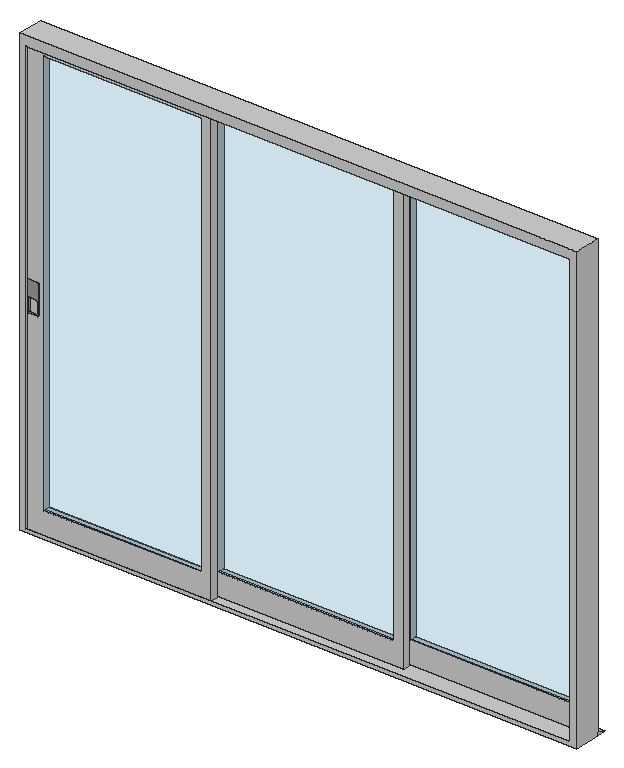
Revit family "Door-Slider-Fleetwood-3070-OXX", category Doors, host Wall, Revit 2013
Parameters (values of type "Archetype Hardware_Narrow Fixed Stile")
  Wall_Thickness [instance] = 1' - 0"
  URL = "www.fleetwoodusa.com"
  Thickness = 0' 1 29/32" * Number_Of_Tracks  # 0' - 5 23/32"
  Rough Width = Width + 0' 0 1/2"  # 10' - 0 1/2"
  Rough Height = Height + 0' 0 1/4"  # 8' - 0 1/4"
  Panel_Height [instance] = Height - 0' 1 17/32"  # 7' - 10 15/32"
  Panel_3_Configuration = 3070_EX_Panel : Active Lead Panel Right Archetype
  Panel_3 = Centerline_2_Calc + 0' 2 19/256"  # 3' - 6 19/256"
  Panel_2_Configuration = 3070_EX_Panel : Sliding Panel  Interlock and Interlock
  Panel_2 = Width - Centerline_1_Calc - Centerline_2_Calc + 0' 0 17/256"  # 3' - 4 17/256"
  Panel_1_Configuration = 3070_EX_Panel : Fixed Panel Narrow Fixed Stile
  Panel_1 = Centerline_1_Calc + 0' 0 71/256"  # 3' - 4 71/256"
  Number_Of_Tracks = 3  # constant formula
  Model = "3070"
  Manufacturer = "Fleetwood Windows and Doors"
  Interior Wrap Overhang = 0' - 0 1/2"
  Hardware = Stainless Steel, Brushed
  Glazing = Glass
  Frame_&_Panel = Aluminum, Anodized Clear
  Equal_Centerlines = if(and(Custom_Centerline_1 > 0' 6", Custom_Centerline_2 > 0' 6"), 1 > 2, 1 < 2)  # yes
  Centerline_2_Calc = if(Equal_Centerlines, Width / 3, Custom_Centerline_2)  # 3' - 4"
  Custom_Centerline_2 = 0' - 0"
  Centerline_1_Calc = if(Equal_Centerlines, Width / 3, Custom_Centerline_1)  # 3' - 4"
  Custom_Centerline_1 = 0' - 0"
  Exterior Wrap Overhang = 0' - 0 1/2"
  Frame_Set_Back [instance] = (Wall_Thickness - Thickness) / 2  # 0' - 3 9/64"
  Function = Exterior
  Height = 8' - 0"
  Wall Closure = By host
  Width = 10' - 0"
  Configuration = "OXX"
  Analytic Construction = "<None>"
  Actuator_Height = 4' - 5 3/4"
Types (6): name | Panel_3_Configuration | Panel_1_Configuration | Actuator_Height
  Archetype Hardware_Archetype Narrow Fixed Stile | 3070_EX_Panel : Active Lead Panel Right Archetype | 3070_EX_Panel : Fixed Panel Archetype Narrow Stile | 4' - 5 3/4"
  Archetype Hardware_Archetype Fixed Stile | 3070_EX_Panel : Active Lead Panel Right Archetype | 3070_EX_Panel : Fixed Panel Archetype Stile | 4' - 5 3/4"
  Archetype Narrow Hardware_Narrow Fixed Stile | 3070_EX_Panel : Active Lead Panel Right Archetype Narrow | 3070_EX_Panel : Fixed Panel Narrow Fixed Stile | 3' - 10"
  Archetype Narrow Hardware_Archetype Narrow Fixed Stile | 3070_EX_Panel : Active Lead Panel Right Archetype Narrow | 3070_EX_Panel : Fixed Panel Archetype Narrow Stile | 3' - 10"
  Archetype Narrow Hardware_Archetype Fixed Stile | 3070_EX_Panel : Active Lead Panel Right Archetype Narrow | 3070_EX_Panel : Fixed Panel Archetype Stile | 3' - 10"
  Archetype Hardware_Narrow Fixed Stile | 3070_EX_Panel : Active Lead Panel Right Archetype | 3070_EX_Panel : Fixed Panel Narrow Fixed Stile | 4' - 5 3/4"
Reference planes (in)
  plane 1 "Center (Front/Back)": y = 0
  plane 2 "Center (Left/Right)": x = 0
  plane 3 "Left": x = -60.25
  plane 4 "Right": x = 60.25
  plane 5 "Top": z = 96.25
  plane 6 "Exterior": y = 6
  plane 7 "Interior": y = -6
  plane 8 "Exterior Wrap Depth": y = 2.85938
  plane 9 "Interior Wrap Depth": y = -2.85938
  plane 10 "Right Frame": x = 60
  plane 11 "Left Frame": x = -60
  plane 12 "Exerier Wrap Left": x = -59.75
  plane 13 "Exterior Wrap Right": x = 59.5
  plane 14 "Exterior Wrap Top": z = 95.75
  plane 15 "Interior Wrap Left": x = -59.75
  plane 16 "Interior Wrap Right": x = 59.75
  plane 17 "Interior Wrap Top": z = 95.75
  plane 18 "Frame Top": z = 96
  plane 19 "Vent Height": z = 93.96094
  plane 20: x = -59.0275
  plane 21: x = 59.2421
  plane 22: z = 0.302
  plane 23: y = -1.90537
  plane 24: y = 1.91062
  plane 25: y = 0.00263
  plane 26: x = 20
  plane 27: y = 9
Forms (in)
  Extrusion 1, void
    sketch origin (0, 0, 0) x (1, 0, 0) y (0, 1, 0)
      loop
        line (-59.75, 6) -> (-59.75, 2.85938) -> (59.5, 2.85938) -> (59.5, 6) -> (-59.75, 6)
    from 0 to 95.75
  Extrusion 2, void
    sketch origin (0, 0, 0) x (1, 0, 0) y (0, 1, 0)
      loop
        line (-60.25, 2.85938) -> (-60.25, -2.85938) -> (60.25, -2.85938) -> (60.25, 2.85938) -> (-60.25, 2.85938)
    from 0 to 96.25
  Extrusion 3, void
    sketch origin (0, 0, 0) x (1, 0, 0) y (0, 1, 0)
      loop
        line (-59.75, -2.85938) -> (-59.75, -6) -> (59.75, -6) -> (59.75, -2.85938) -> (-59.75, -2.85938)
    from 0 to 95.75
Lines and regions (in)
  symbolic lines
    curve 1: line (-59.0275, 9, 0) -> (-47.0275, 9, 0)
    curve 2: line (-51.0275, 7, 0) -> (-47.0275, 9, 0)
    curve 3: line (-51.0275, 11, 0) -> (-47.0275, 9, 0)
    curve 7: line (-6, 9, 0) -> (6, 9, 0)
    curve 8: line (2, 7, 0) -> (6, 9, 0)
    curve 9: line (2, 11, 0) -> (6, 9, 0)
  symbolic lines, not visible
    curve 4: line (-41.80247, 12.37674, 0) -> (-29.80247, 12.37674, 0)
    curve 5: line (-33.80247, 10.37674, 0) -> (-29.80247, 12.37674, 0)
    curve 6: line (-33.80247, 14.37674, 0) -> (-29.80247, 12.37674, 0)
  reference lines
    curve 10: line (0, 9, 0.302) -> (0, 11, 0.302)
    curve 11: line (-53.0275, 9, 0.302) -> (-53.0275, 11, 0.302)
  reference lines, not visible
    curve 12: line (-35.80247, 12.37674, 0.302) -> (-35.80247, 14.37674, 0.302)
Text (in)
  text "Exterior" at (-74.96733, 27.31104, 0), in view "Ref. Level"
  text "Interior" at (-74.96733, -25.14366, 0), in view "Ref. Level"
  text "Exterior" at (0, 40.15149, 123.01588), in view "Right"
  text "Interior" at (0, -64.39139, 123.01588), in view "Right"
  text "Interior" at (0, -31.01599, 123.00693), in view "Left"
  text "Exterior" at (0, 54.57065, 123.00693), in view "Left"
Dimensions and locks (in)
  equal spacing: plane 3 "Left", plane 2 "Center (Left/Right)", plane 4 "Right"
  plane 3 "Left" to plane 4 "Right" = 10' - 0 1/2"
  "Frame_Set_Back": plane 8 "Exterior Wrap Depth" to plane 6 "Exterior"
  "Exterior Wrap Overhang": plane 13 "Exterior Wrap Right" to plane 10 "Right Frame"
  "Exterior Wrap Overhang": plane 3 "Left" to plane 12 "Exerier Wrap Left"
  "Thickness": plane 8 "Exterior Wrap Depth" to plane 9 "Interior Wrap Depth"
  "Exterior Wrap Overhang": plane 14 "Exterior Wrap Top" to plane 5 "Top"
  "Interior Wrap Overhang": plane 3 "Left" to plane 15 "Interior Wrap Left"
  "Interior Wrap Overhang": plane 16 "Interior Wrap Right" to plane 4 "Right"
  "Interior Wrap Overhang": plane 17 "Interior Wrap Top" to plane 5 "Top"
  "Rough Height": level to plane 5 "Top"
  "Rough Width": plane 3 "Left" to plane 4 "Right"
  "Width": plane 11 "Left Frame" to plane 10 "Right Frame"
  "Height": level to plane 18 "Frame Top"
  equal spacing: plane 11 "Left Frame", plane 2 "Center (Left/Right)", plane 10 "Right Frame"
  locked: plane 19 "Vent Height" to plane 18 "Frame Top" at 2.03906
  "Wall_Thickness": host wall to host wall
  plane 11 "Left Frame" to plane 20 = 0' - 0.9725"
  locked: plane 21 to plane 10 "Right Frame" at 0.7579
  locked: level to plane 22 at 0.302
  locked: plane 23 to plane 9 "Interior Wrap Depth" at 0.954
  locked: plane 24 to plane 9 "Interior Wrap Depth" at 4.77
  locked: plane 25 to plane 9 "Interior Wrap Depth" at 2.862
  "Centerline_1_Calc": plane 26 to plane 10 "Right Frame"
  locked: plane 6 "Exterior" to plane 27 at 3
  aligned and locked: plane 6 "Exterior" to host wall
  aligned and locked: plane 7 "Interior" to host wall
  aligned and locked: Extrusion 1 sketch curve to plane 8 "Exterior Wrap Depth"
  aligned and locked: plane 6 "Exterior" to Extrusion 1 sketch curve
  aligned and locked: plane 12 "Exerier Wrap Left" to Extrusion 1 sketch curve
  aligned and locked: plane 13 "Exterior Wrap Right" to Extrusion 1 sketch curve
  aligned and locked: Extrusion 1 to plane 14 "Exterior Wrap Top"
  aligned and locked: plane 4 "Right" to Extrusion 2 sketch curve
  aligned and locked: plane 8 "Exterior Wrap Depth" to Extrusion 2 sketch curve
  aligned and locked: plane 9 "Interior Wrap Depth" to Extrusion 2 sketch curve
  aligned and locked: Extrusion 2 sketch curve to plane 3 "Left"
  aligned and locked: Extrusion 2 to plane 5 "Top"
  aligned and locked: Extrusion 3 sketch curve to plane 15 "Interior Wrap Left"
  aligned and locked: plane 16 "Interior Wrap Right" to Extrusion 3 sketch curve
  aligned and locked: Extrusion 3 sketch curve to plane 9 "Interior Wrap Depth"
  aligned and locked: Extrusion 3 sketch curve to plane 7 "Interior"
  aligned and locked: Extrusion 3 to plane 17 "Interior Wrap Top"
  aligned and locked: plane 2 "Center (Left/Right)" to nested 1
  aligned and locked: nested 1 to plane 9 "Interior Wrap Depth"
  aligned and locked: plane 20 to nested 2
  aligned and locked: plane 23 to nested 2
  aligned and locked: plane 22 to nested 3
  aligned and locked: nested 3 to plane 24
  aligned and locked: plane 25 to nested 4
  aligned and locked: plane 21 to nested 3
  aligned and locked: nested 4 to plane 26
  aligned and locked: plane 27 to curve 1
  aligned and locked: plane 20 to curve 1
  aligned and locked: plane 27 to curve 7
  aligned and locked: plane 2 "Center (Left/Right)" to curve 10
Automatic sketch dimensions
  curve 10 to curve 10 = 0' - 2"
  curve 11 to curve 11 = 0' - 2"
  curve 12 to curve 12 = 0' - 2"
Nested families (in)
  nested 1: "3070-EX_Frame" at (0, 0, 0), Number_Of_Tracks <- "Number_Of_Tracks", Net Frame Width <- "Width", Net Frame Height <- "Height", Frame Finish <- "Frame_&_Panel", type "3070-EX_Frame"
    with Track Width 0' - 5 23/32", Sill_Riser yes, Number_Of_Tracks 3, Net Frame Width 10' - 0", Net Frame Height 8' - 0", Frame Finish Aluminum, Anodized Clear
  nested 2: "3070_EX_Panel" at (-35.0275, -1.90537, 0.302) x (-1, 0, 0) z (0, 0, 1), type <- "Panel_3_Configuration", Panel_Width <- "Panel_2", Panel_Height <- "Panel_Height", Glazing_Material <- "Glazing", Hardware_Finish <- "Hardware", Panel_Finish <- "Frame_&_Panel", Actuator_Height <- "Actuator_Height", type "Active Lead Panel Right Archetype"
    with Panel_Width 3' - 4 17/256", Panel_Height 7' - 10 15/32", Panel_Finish Aluminum, Anodized Clear, Hardware_Finish Stainless Steel, Brushed, Glazing_Material Glass, Glass_Width 2' - 10.02339", Actuator_Height 4' - 5 3/4"
  nested 3: "3070_EX_Panel" at (35.2421, 1.91062, 0.302), type <- "Panel_1_Configuration", Panel_Width <- "Panel_1", Panel_Finish <- "Frame_&_Panel", Hardware_Finish <- "Hardware", Glazing_Material <- "Glazing", Panel_Height <- "Panel_Height", Actuator_Height <- "Actuator_Height", type "Fixed Panel Narrow Fixed Stile"
    with Panel_Width 3' - 4 71/256", Panel_Height 7' - 10 15/32", Panel_Finish Aluminum, Anodized Clear, Hardware_Finish Stainless Steel, Brushed, Glazing_Material Glass, Glass_Width 3' - 1.18362", Actuator_Height 4' - 5 3/4"
  nested 4: "3070_EX_Panel" at (2.96289, 0.00263, 0.302) x (-1, 0, 0) z (0, 0, 1), Panel_Finish <- "Frame_&_Panel", Hardware_Finish <- "Hardware", Glazing_Material <- "Glazing", Panel_Height <- "Panel_Height", Panel_Width <- "Panel_3", type <- "Panel_2_Configuration", type "Sliding Panel  Interlock and Interlock"
    with Panel_Width 3' - 6 19/256", Panel_Height 7' - 10 15/32", Panel_Finish Aluminum, Anodized Clear, Hardware_Finish Stainless Steel, Brushed, Glazing_Material Glass, Glass_Width 3' - 1 237/256", Actuator_Height 4' - 5 3/4"
Definition of nested family "3070-EX_Frame"
  Parameters (values of type "3070-EX_Frame")
    Track Width [instance] = 0' 1 29/32" * Number_Of_Tracks  # 0' - 3 13/16"
    Sill_Riser [instance] = yes
    Number_Of_Tracks [instance] = 2
    Net Frame Width [instance] = 8' - 0"
    Net Frame Height [instance] = 8' - 0"
    Manufacturer = "Fleetwoo Windows And Doors"
    Frame Finish [instance] = Aluminum, Anodized Silver
    Default Elevation = 4' - 0"
  Reference planes (in)
    plane 1 "Center (Front/Back)": y = 0
    plane 2: z = 0
    plane 3 "Center (Left/Right)": x = 0
    plane 4: x = -48
    plane 5: x = 48
    plane 6: y = 1.90625
    plane 7: y = -1.90625
    plane 8: x = 46.65625
    plane 9: x = -46.65625
    plane 10: z = 0.71094
    plane 11: z = 96
    plane 12: z = 94.07422
    plane 13: y = 3.8125
  Forms (in)
    Extrusion 1, solid
      sketch origin (0, 0, 0) x (1, 0, 0) y (0, 1, 0)
        loop
          line (-48, 48) -> (-48, -48) -> (48, -48) -> (48, 48) -> (-48, 48)
      from 0 to -12
    Extrusion 2, solid, material "Aluminum, Anodized Silver" <- "Frame Finish"
      sketch origin (0, 0, 0) x (1, 0, 0) y (0, 0, 1)
        loop
          line (-48, 96) -> (-48, 0) -> (48, 0) -> (48, 96) -> (-48, 96)
        loop
          line (46.65625, 94.07422) -> (-46.65625, 94.07422) -> (-46.65625, 0.71094) -> (46.65625, 0.71094) -> (46.65625, 94.07422)
      from -1.90625 to 1.90625
    Extrusion 3, solid, material "Aluminum, Anodized Silver" <- "Frame Finish", visible <- "Sill_Riser"
      sketch origin (0, 0, 0) x (0, -1, 0) y (0, 0, -1)
        loop
          line (-1.90625, -0.71094) -> (-1.90625, 0) -> (-3.81425, 0) -> (-1.90625, -0.71094)
      from -48 to 48
  Lines and regions (in)
    Masking region 1
      outline origin (0, 0, 0) x (1, 0, 0) y (0, 1, 0)
        loop
          line (48, 1.90625) -> (-48, 1.90625) -> (-48, -1.90625) -> (48, -1.90625) -> (48, 1.90625)
    Masking region 2, visible <- "Sill_Riser"
      outline origin (0, 0, 0) x (1, 0, 0) y (0, 1, 0)
        loop
          line (48, 1.90625) -> (48, 3.8125) -> (-48, 3.8125) -> (-48, 1.90625) -> (48, 1.90625)
    symbolic lines
      curve 1: line (-46.65625, 1.90625, 0) -> (-46.65625, -1.90625, 0)
      curve 2: line (46.65625, 1.90625, 0) -> (46.65625, -1.90625, 0)
  Dimensions and locks (in)
    equal spacing: plane 4, plane 3 "Center (Left/Right)", plane 5
    "Net Frame Width": plane 4 to plane 5
    "Track Width": plane 7 to plane 6
    equal spacing: plane 7, plane 1 "Center (Front/Back)", plane 6
    locked: plane 8 to plane 5 at 1.34375
    locked: plane 4 to plane 9 at 1.34375
    locked: plane 10 to level at 0.71094
    "Net Frame Height": plane 11 to level
    locked: plane 11 to plane 12 at 1.92578
    locked: plane 6 to plane 13 at 1.90625
    aligned and locked: plane 2 to Extrusion 1
    aligned and locked: level to Extrusion 1
    aligned and locked: Extrusion 2 sketch curve to plane 11
    aligned and locked: plane 4 to Extrusion 2 sketch curve
    aligned and locked: Extrusion 2 sketch curve to plane 5
    aligned and locked: plane 2 to Extrusion 2 sketch curve
    aligned and locked: Extrusion 2 sketch curve to plane 9
    aligned and locked: Extrusion 2 sketch curve to plane 10
    aligned and locked: plane 8 to Extrusion 2 sketch curve
    aligned and locked: plane 12 to Extrusion 2 sketch curve
    aligned and locked: Extrusion 2 to plane 6
    aligned and locked: plane 7 to Extrusion 2
    aligned and locked: plane 10 to Extrusion 3
    aligned and locked: plane 6 to Extrusion 3
    aligned and locked: Extrusion 3 to Extrusion 1
    aligned and locked: Extrusion 1 to Extrusion 3
    aligned and locked: plane 5 to Extrusion 3
    aligned and locked: Extrusion 3 to plane 4
    aligned and locked: Masking region 1 sketch curve to plane 4
    aligned and locked: plane 7 to Masking region 1 sketch curve
    aligned and locked: Masking region 1 sketch curve to plane 6
    aligned and locked: plane 5 to Masking region 1 sketch curve
    aligned and locked: plane 4 to Masking region 2 sketch curve
    aligned and locked: plane 13 to Masking region 2 sketch curve
    aligned and locked: Masking region 2 sketch curve to plane 6
    aligned and locked: Masking region 2 sketch curve to plane 5
    aligned and locked: plane 6 to curve 1
    aligned and locked: plane 7 to curve 1
    aligned and locked: curve 1 to plane 9
    aligned and locked: plane 6 to curve 2
    aligned and locked: plane 7 to curve 2
    aligned and locked: curve 2 to plane 8
  Automatic sketch dimensions
    Extrusion 1 sketch curve to Extrusion 1 sketch curve = 8' - 0"  (x2)
    Extrusion 3 sketch curve to level = 0' - 0"
    Extrusion 3 sketch curve to plane 6 = 0' - 0"
    Extrusion 3 sketch curve to plane 10 = 0' - 0"
    Extrusion 3 sketch curve to plane 13 = 0' - 0.00175"
Definition of nested family "3070_EX_Panel"
  Parameters (values of type "Fixed Panel Archetype Narrow Stile")
    Top_Rail = if(Bottom_Rail_As_Top, 0' 5 19/128", 0' 1 59/128")  # 0' - 1 59/128"
    Stile_Condition = 2
    Sightline_Extender_Condition = 0
    Right_Stile = if(or(Archetype_Stile, Archetype_Inactive_Panel), 0' 3.9688", if(or(Archetype_Narrow_Inactive_Panel, Archetype_Narrow_Stile), 0' 2.9102", if(Narrow_Fixed_Stile, 0' 1.0195", 0' 2 19/256")))  # 0' - 2.9102"
    Panel_Width [instance] = 4' - 0"
    Panel_Height [instance] = 7' - 0"
    Panel_Finish [instance] = none
    Narrow_Fixed_Stile = Stile_Condition = 3  # no
    Model = ""
    Manufacturer = "Fleetwood Windows And Doors"
    Left_Stile = if([1_Sightline_Extender], 0' 3 19/256", if([2.5_Sightline_Extender], 0' 4 147/256", if([3.5_Sightline_Extender], 0' 5 147/256", 0' 2 19/256")))  # 0' - 2 19/256"
    Hardware_Finish [instance] = none
    Glass_Width [instance] = Panel_Width - (Right_Stile + Left_Stile)  # 3' - 7.01558"
    Double_Arrow = no
    Arrow = no
    Archetype_Narrow_Inactive_Panel = Stile_Condition = 9  # no
    Archetype_Narrow_Hardware_L = Stile_Condition = 7  # no
    Archetype_Narrow_Hardware = no
    Archetype_Inactive_Panel = Stile_Condition = 8  # no
    Archetype_Flush_Pulls = no
    Glazing_Material [instance] = none
    Glass_Thickness = 0' - 1"
    Description = ""
    Bottom_Rail_As_Top = no
    Bottom_Rail = 0' - 5 19/128"  # constant formula
    Archetype_Narrow_Stile = or(Stile_Condition = 2, Stile_Condition = 6, Stile_Condition = 7, Stile_Condition = 9)  # yes
    Archetype_Stile = or(Stile_Condition = 1, Stile_Condition = 4, Stile_Condition = 5, Stile_Condition = 8)  # no
    Archetype_Narrow_Hardware_R = Stile_Condition = 6  # no
    Archetype_Hardware_Right = Stile_Condition = 5  # no
    Archetype_Hardware_Left = Stile_Condition = 4  # no
    Archetype_Actuator = or(Archetype_Hardware_Right, Archetype_Hardware_Left)  # no
    Actuator_Height [instance] = 4' - 5 3/4"
    3.5_Sightline_Extender = Sightline_Extender_Condition = 3  # no
    2.5_Sightline_Extender = Sightline_Extender_Condition = 2  # no
    1_Sightline_Extender = Sightline_Extender_Condition = 1  # no
  Types (13): name | Stile_Condition | Sightline_Extender_Condition | Right_Stile | Narrow_Fixed_Stile | Left_Stile | Glass_Width | Double_Arrow | Arrow | Archetype_Narrow_Inactive_Panel | Archetype_Narrow_Hardware_L | Archetype_Narrow_Hardware | Archetype_Inactive_Panel | Archetype_Flush_Pulls | Description | Archetype_Narrow_Stile | Archetype_Stile | Archetype_Narrow_Hardware_R | Archetype_Hardware_Right | Archetype_Hardware_Left | Archetype_Actuator | Actuator_Height | 3.5_Sightline_Extender | 2.5_Sightline_Extender | 1_Sightline_Extender
    Sliding Panel  Interlock and Interlock | 0 | 0 | 0' - 2 19/256" | no | 0' - 2 19/256" | 3' - 7 109/128" | yes | yes | no | no | no | no | no | "" | no | no | no | no | no | no | 4' - 5 3/4" | no | no | no
    Pocket Panel 1" Sightline Extender | 0 | 1 | 0' - 2 19/256" | no | 0' - 3 19/256" | 3' - 6 109/128" | no | yes | no | no | no | no | no | "" | no | no | no | no | no | no | 4' - 5 3/4" | no | no | yes
    Pocket Panel 2.5" Sightline Extender | 0 | 2 | 0' - 2 19/256" | no | 0' - 4 147/256" | 3' - 5 45/128" | no | yes | no | no | no | no | no | "" | no | no | no | no | no | no | 4' - 5 3/4" | no | yes | no
    Pocket Panel 3.5" Sightline Extender | 0 | 3 | 0' - 2 19/256" | no | 0' - 5 147/256" | 3' - 4 45/128" | no | yes | no | no | no | no | no | "" | no | no | no | no | no | no | 4' - 5 3/4" | yes | no | no
    Active Lead Panel Right Archetype | 5 | 0 | 0' - 3.9688" | no | 0' - 2 19/256" | 3' - 5.95698" | no | yes | no | no | no | no | yes | "Fleetwood Sliding Door Panel" | no | yes | no | yes | no | yes | 4' - 5 15/16" | no | no | no
    Active Lead Panel Right Archetype Narrow | 6 | 0 | 0' - 2.9102" | no | 0' - 2 19/256" | 3' - 7.01558" | no | yes | no | no | yes | no | no | "" | yes | no | yes | no | no | no | 4' - 5 3/4" | no | no | no
    Fixed Panel Narrow Fixed Stile | 3 | 0 | 0' - 1.0195" | yes | 0' - 2 19/256" | 3' - 8.90628" | no | no | no | no | no | no | no | "" | no | no | no | no | no | no | 4' - 5 3/4" | no | no | no
    Fixed Panel Archetype Narrow Stile | 2 | 0 | 0' - 2.9102" | no | 0' - 2 19/256" | 3' - 7.01558" | no | no | no | no | no | no | no | "" | yes | no | no | no | no | no | 4' - 5 3/4" | no | no | no
    Fixed Panel Archetype Stile | 1 | 0 | 0' - 3.9688" | no | 0' - 2 19/256" | 3' - 5.95698" | no | no | no | no | no | no | no | "" | no | yes | no | no | no | no | 4' - 5 3/4" | no | no | no
    Active Lead Panel Left Archetype | 4 | 0 | 0' - 3.9688" | no | 0' - 2 19/256" | 3' - 5.95698" | no | yes | no | no | no | no | yes | "" | no | yes | no | no | yes | yes | 4' - 5 15/16" | no | no | no
    Active Lead Panel Left Archetype Narrow | 7 | 0 | 0' - 2.9102" | no | 0' - 2 19/256" | 3' - 7.01558" | no | yes | no | yes | yes | no | no | "" | yes | no | no | no | no | no | 4' - 5 3/4" | no | no | no
    Archetype_Inactive_Panel | 8 | 0 | 0' - 3.9688" | no | 0' - 2 19/256" | 3' - 5.95698" | no | yes | no | no | no | yes | no | "" | no | yes | no | no | no | no | 4' - 5 3/4" | no | no | no
    Archetype_Narrow_Inactive_Panel | 9 | 0 | 0' - 2.9102" | no | 0' - 2 19/256" | 3' - 7.01558" | no | yes | yes | no | yes | no | no | "" | yes | no | no | no | no | no | 4' - 5 3/4" | no | no | no
  Reference planes (in)
    plane 1 "Center (Front/Back)": y = 0
    plane 2: z = 0
    plane 3 "Center (Left/Right)": x = 0
    plane 4: y = -0.71484
    plane 5: y = 0.71484
    plane 6: x = -24
    plane 7: x = 24
    plane 8: z = 84
    plane 9: z = 5.14844
    plane 10: z = 82.53906
    plane 11: x = 21.0898
    plane 12: x = -21.92578
    plane 13: y = 0.5
    plane 14: y = -0.5
    plane 15: z = 53.75
    plane 16: x = 22.22656
    plane 17: y = 0
    plane 18: x = 22.74609
    plane 19: x = -22.96289
    plane 20: z = 42
    plane 21: x = -6
    plane 22: x = 6
    plane 23: x = -2
    plane 24: x = 2
  Forms (in)
    Extrusion 1, solid, material <- "Panel_Finish"
      sketch origin (0, 0, 0) x (1, 0, 0) y (0, 0, 1)
        loop
          line (24, 84) -> (-24, 84) -> (-24, 0) -> (24, 0) -> (24, 84)
        loop
          line (-21.92578, 5.14844) -> (21.0898, 5.14844) -> (21.0898, 82.53906) -> (-21.92578, 82.53906) -> (-21.92578, 5.14844)
      from -0.71484 to 0.71484
    Extrusion 2, solid, material <- "Glazing_Material"
      sketch origin (0, 0, 0) x (1, 0, 0) y (0, 0, 1)
        loop
          line (-21.92578, 82.53906) -> (-21.92578, 5.14844) -> (21.0898, 5.14844) -> (21.0898, 82.53906) -> (-21.92578, 82.53906)
      from -0.5 to 0.5
  Lines and regions (in)
    Masking region 1
      outline origin (0, 0, 0) x (1, 0, 0) y (0, 1, 0)
        loop
          line (-24, 0.71484) -> (-24, -0.71484) -> (24, -0.71484) -> (24, 0.71484) -> (-24, 0.71484)
    symbolic lines, visible <- "Arrow"
      curve 1: line (6, -0.71484, 42) -> (-6, -0.71484, 42)
      curve 2: line (-2, -0.71484, 40) -> (-6, -0.71484, 42)
      curve 3: line (-2, -0.71484, 44) -> (-6, -0.71484, 42)
    symbolic lines, visible <- "Double_Arrow"
      curve 4: line (2, -0.71484, 40) -> (6, -0.71484, 42)
      curve 5: line (2, -0.71484, 44) -> (6, -0.71484, 42)
  Dimensions and locks (in)
    equal spacing: plane 4, plane 1 "Center (Front/Back)", plane 5
    locked: plane 4 to plane 5 at 1.42969
    equal spacing: plane 6, plane 3 "Center (Left/Right)", plane 7
    "Panel_Width": plane 6 to plane 7
    "Panel_Height": plane 8 to plane 2
    "Bottom_Rail": plane 9 to level
    "Right_Stile": plane 7 to plane 11
    "Left_Stile": plane 12 to plane 6
    "Top_Rail": plane 8 to plane 10
    equal spacing: plane 14, plane 1 "Center (Front/Back)", plane 13
    "Glass_Thickness": plane 14 to plane 13
    "Actuator_Height": plane 15 to level
    locked: plane 7 to plane 16 at 1.77344
    locked: plane 18 to plane 7 at 1.25391
    locked: plane 6 to plane 19 at 1.03711
    equal spacing: plane 8, plane 20, level
    plane 22 to plane 3 "Center (Left/Right)" to plane 21 = 0' - 6" locked, 0' - 6" locked
    locked: plane 23 to plane 21 at 4
    locked: plane 22 to plane 24 at 4
    curve 3 to plane 20 to curve 2 = 0' - 2" locked, 0' - 2" locked
    locked: plane 15 to nested 1 at 5
    aligned and locked: plane 2 to level
    aligned and locked: plane 8 to Extrusion 1 sketch curve
    aligned and locked: plane 7 to Extrusion 1 sketch curve
    aligned and locked: Extrusion 1 sketch curve to plane 2
    aligned and locked: Extrusion 1 sketch curve to plane 6
    aligned and locked: Extrusion 1 sketch curve to plane 12
    aligned and locked: plane 10 to Extrusion 1 sketch curve
    aligned and locked: plane 11 to Extrusion 1 sketch curve
    aligned and locked: Extrusion 1 sketch curve to plane 9
    aligned and locked: Extrusion 1 to plane 5
    aligned and locked: plane 4 to Extrusion 1
    aligned and locked: Extrusion 2 sketch curve to plane 10
    aligned and locked: plane 12 to Extrusion 2 sketch curve
    aligned and locked: plane 9 to Extrusion 2 sketch curve
    aligned and locked: Extrusion 2 sketch curve to plane 11
    aligned and locked: Extrusion 2 to plane 13
    aligned and locked: plane 14 to Extrusion 2
    aligned and locked: plane 1 "Center (Front/Back)" to nested 1
    aligned and locked: plane 16 to nested 1
    aligned and locked: plane 15 to nested 2
    aligned and locked: plane 18 to nested 2
    aligned and locked: plane 1 "Center (Front/Back)" to nested 2
    aligned and locked: plane 5 to Masking region 1 sketch curve
    aligned and locked: plane 6 to Masking region 1 sketch curve
    aligned and locked: Masking region 1 sketch curve to plane 4
    aligned and locked: Masking region 1 sketch curve to plane 7
    aligned and locked: plane 21 to curve 2
    aligned and locked: curve 1 to curve 2
    aligned and locked: plane 20 to curve 1
    aligned and locked: plane 24 to curve 5
    aligned and locked: plane 24 to curve 4
    aligned and locked: plane 22 to curve 5
    aligned and locked: nested 3 to plane 15
    aligned and locked: plane 16 to nested 3
    aligned and locked: nested 3 to plane 1 "Center (Front/Back)"
    aligned and locked: nested 4 to plane 1 "Center (Front/Back)"
    aligned and locked: nested 4 to plane 16
  Automatic sketch dimensions
    curve 2 to plane 23 = 0' - 0"
    curve 3 to plane 23 = 0' - 0"
    curve 4 to plane 20 = 0' - 2"
    plane 20 to curve 5 = 0' - 2"
  Nested families (in)
    nested 1: "Archetype_Flush_Pulls" at (22.22656, 0, 42.25), Finish <- "Hardware_Finish", visible <- "Archetype_Flush_Pulls", type "Archetype_Flush_Pulls"
      with Finish none
    nested 2: "Archetype_Narrow_Hardware" at (22.74609, 0, 53.75), Finish <- "Hardware_Finish", Left <- "Archetype_Narrow_Hardware_L", visible <- "Archetype_Narrow_Hardware", Right <- "Archetype_Narrow_Hardware_R", type "Archetype_Narrow_Hardware", detail levels fine
      with Right no, Pulls_Only yes, Left no, Finish none
    nested 3: "Archetype_Actuator" at (22.22656, 0, 53.75) x (1, 0, 0) z (0, -1, 0), Finish <- "Hardware_Finish", visible <- "Archetype_Hardware_Left", type "Archetype_Actuator"
      with Finish none
    nested 4: "Archetype_Actuator" at (22.22656, 0, 53.9375) x (1, 0, 0) z (0, 1, 0), Finish <- "Hardware_Finish", visible <- "Archetype_Hardware_Right", type "Archetype_Actuator"
      with Finish none
  Definition of nested family "Archetype_Flush_Pulls"
    Parameters (values of type "Archetype_Flush_Pulls")
      Finish [instance] = none
    Reference planes (in)
      plane 1 "Center (Front/Back)": y = 0
      plane 2: z = 0
      plane 3 "Center (Left/Right)": x = 0
      plane 4: z = 6.5
      plane 5: z = 0.27344
      plane 6: z = 3.07422
      plane 7: y = -0.80469
      plane 8: y = 0.80469
      plane 9: y = -0.80469
      plane 10: x = 1.1875
      plane 11: x = -1.1875
      plane 12: x = 0.91406
      plane 13: x = -0.91406
      plane 14 "ext": y = -0.80469
      plane 15 "int": y = 0.80469
      plane 16: z = 6.21875
      plane 17: z = 3.35547
    Forms (in)
      Extrusion 1, solid, material <- "Finish", detail levels fine
        sketch origin (0, 0, 0) x (1, 0, 0) y (0, 0, 1)
          loop
            arc (-0.9375, 6.5) -> (-1.11428, 6.42678) -> (-1.1875, 6.25) r 0.25
            line (-1.1875, 6.25) -> (-1.1875, 0.25)
            arc (-1.1875, 0.25) -> (-1.11428, 0.07322) -> (-0.9375, 0) r 0.25
            line (-0.9375, 0) -> (0.9375, 0)
            arc (0.9375, 0) -> (1.11428, 0.07322) -> (1.1875, 0.25) r 0.25
            line (1.1875, 0.25) -> (1.1875, 6.25)
            arc (1.1875, 6.25) -> (1.11428, 6.42678) -> (0.9375, 6.5) r 0.25
            line (0.9375, 6.5) -> (-0.9375, 6.5)
        from -0.80469 to 0.80469
      Extrusion 2, void
        sketch origin (0, -0.80469, 0) x (-1, 0, 0) y (0, 0, 1)
          loop
            line (0.78906, 3.07422) -> (-0.78906, 3.07422)
            arc (-0.78906, 3.07422) -> (-0.87745, 3.03761) -> (-0.91406, 2.94922) r 0.125
            line (-0.91406, 2.94922) -> (-0.91406, 0.39844)
            arc (-0.91406, 0.39844) -> (-0.87745, 0.31005) -> (-0.78906, 0.27344) r 0.125
            line (-0.78906, 0.27344) -> (0.78906, 0.27344)
            arc (0.78906, 0.27344) -> (0.87745, 0.31005) -> (0.91406, 0.39844) r 0.125
            line (0.91406, 0.39844) -> (0.91406, 2.94922)
            arc (0.91406, 2.94922) -> (0.87745, 3.03761) -> (0.78906, 3.07422) r 0.125
        from 0 to 1
      Extrusion 3, void
        sketch origin (0, 0.80469, 0) x (-1, 0, 0) y (0, 0, 1)
          loop
            arc (-0.78906, 6.21875) -> (-0.87745, 6.18214) -> (-0.91406, 6.09375) r 0.125
            line (-0.91406, 6.09375) -> (-0.91406, 3.48047)
            arc (-0.91406, 3.48047) -> (-0.87745, 3.39208) -> (-0.78906, 3.35547) r 0.125
            line (-0.78906, 3.35547) -> (0.78906, 3.35547)
            arc (0.78906, 3.35547) -> (0.87745, 3.39208) -> (0.91406, 3.48047) r 0.125
            line (0.91406, 3.48047) -> (0.91406, 6.09375)
            arc (0.91406, 6.09375) -> (0.87745, 6.18214) -> (0.78906, 6.21875) r 0.125
            line (0.78906, 6.21875) -> (-0.78906, 6.21875)
        from 0 to -1
    Cuts and joins
      Extrusion 2, Extrusion 3 cuts Extrusion 1
    Dimensions and locks (in)
      locked: plane 4 to level at 6.5
      locked: plane 11 to plane 10 at 2.375
      locked: plane 12 to plane 10 at 0.27344
      locked: plane 11 to plane 13 at 0.27344
      locked: plane 6 to plane 5 at 2.80078
      equal spacing: plane 15 "int", plane 1 "Center (Front/Back)", plane 14 "ext"
      locked: plane 15 "int" to plane 14 "ext" at 1.60938
      locked: plane 5 to level at 0.27344
      locked: plane 4 to plane 16 at 0.28125
      locked: plane 17 to plane 6 at 0.28125
      aligned and locked: plane 2 to level
      aligned and locked: Extrusion 2 sketch curve to plane 6
      aligned and locked: plane 12 to Extrusion 2 sketch curve
      aligned and locked: plane 5 to Extrusion 2 sketch curve
      aligned and locked: Extrusion 2 sketch curve to plane 13
      aligned and locked: plane 12 to Extrusion 3 sketch curve
      aligned and locked: Extrusion 3 sketch curve to plane 16
      aligned and locked: Extrusion 3 sketch curve to plane 13
      aligned and locked: plane 17 to Extrusion 3 sketch curve
    Automatic sketch dimensions
      plane 11 to Extrusion 1 sketch curve = 0' - 0"
      Extrusion 1 sketch curve to level = 0' - 0"
      Extrusion 1 sketch curve to plane 4 = 0' - 0"
      plane 10 to Extrusion 1 sketch curve = 0' - 0"
      Extrusion 1 sketch curve to plane 5 = 0' - 0 3/128"
      plane 13 to Extrusion 1 sketch curve = 0' - 0 3/128"
      Extrusion 1 sketch curve to plane 12 = 0' - 0 3/128"  (x2)
      plane 12 to Extrusion 2 sketch curve = 0' - 0 1/8"  (x2)
      Extrusion 2 sketch curve to plane 13 = 0' - 0 1/8"  (x2)
      plane 12 to Extrusion 3 sketch curve = 0' - 0 1/8"  (x2)
      Extrusion 3 sketch curve to plane 13 = 0' - 0 1/8"  (x2)
  Definition of nested family "Archetype_Narrow_Hardware"
    Parameters (values of type "Archetype_Narrow_Hardware")
      Right [instance] = no
      Pulls_Only [instance] = if(or(Right, Left), 1 > 2, 1 < 2)  # yes
      Left [instance] = no
      Finish [instance] = none
    Reference planes (in)
      plane 1 "Center (Front/Back)": y = 0
      plane 2 "Actuator_Height": z = 0
      plane 3 "Center (Left/Right)": x = 0
      plane 4 "ext": y = 0.78906
      plane 5 "int": y = -0.78906
      plane 6: x = -0.6875
      plane 7: x = 0.6875
      plane 8: z = -1.75
      plane 9: z = 2.8125
      plane 10: z = 2.60547
      plane 11: x = 0.48047
      plane 12: x = -0.48047
      plane 13: z = -1.54297
      plane 14: z = 0.1875
      plane 15: z = -0.1875
      plane 16: z = 1.32031
      plane 17: z = 0
    Forms (in)
      Extrusion 1, solid, material <- "Finish", detail levels fine
        sketch origin (0, 0, 0) x (1, 0, 0) y (0, 0, 1)
          loop
            arc (-0.5625, 2.8125) -> (-0.65089, 2.77589) -> (-0.6875, 2.6875) r 0.125
            line (-0.6875, 2.6875) -> (-0.6875, -1.625)
            arc (-0.6875, -1.625) -> (-0.65089, -1.71339) -> (-0.5625, -1.75) r 0.125
            line (-0.5625, -1.75) -> (0.5625, -1.75)
            arc (0.5625, -1.75) -> (0.65089, -1.71339) -> (0.6875, -1.625) r 0.125
            line (0.6875, -1.625) -> (0.6875, 2.6875)
            arc (0.6875, 2.6875) -> (0.65089, 2.77589) -> (0.5625, 2.8125) r 0.125
            line (0.5625, 2.8125) -> (-0.5625, 2.8125)
        from -0.78906 to 0.78906
    Lines and regions (in)
      model lines, detail levels fine
        curve 1: line (0.5625, -0.78906, 2.8125) -> (-0.5625, -0.78906, 2.8125)
        curve 2: arc (0.6875, -0.78906, 2.6875) -> (0.65089, -0.78906, 2.77589) -> (0.5625, -0.78906, 2.8125) r 0.125
        curve 3: line (0.6875, -0.78906, -1.625) -> (0.6875, -0.78906, 2.6875)
        curve 4: arc (0.5625, -0.78906, -1.75) -> (0.65089, -0.78906, -1.71339) -> (0.6875, -0.78906, -1.625) r 0.125
        curve 5: line (-0.5625, -0.78906, -1.75) -> (0.5625, -0.78906, -1.75)
        curve 6: arc (-0.6875, -0.78906, -1.625) -> (-0.65089, -0.78906, -1.71339) -> (-0.5625, -0.78906, -1.75) r 0.125
        curve 7: line (-0.6875, -0.78906, 2.6875) -> (-0.6875, -0.78906, -1.625)
        curve 8: arc (-0.5625, -0.78906, 2.8125) -> (-0.65089, -0.78906, 2.77589) -> (-0.6875, -0.78906, 2.6875) r 0.125
        curve 9: line (-0.38672, -0.78906, 2.60547) -> (0.38672, -0.78906, 2.60547)
        curve 10: line (-0.48047, -0.78906, -1.44922) -> (-0.48047, -0.78906, 2.51172)
        curve 11: line (0.38672, -0.78906, -1.54297) -> (-0.38672, -0.78906, -1.54297)
        curve 12: line (0.48047, -0.78906, 2.51172) -> (0.48047, -0.78906, -1.44922)
        curve 13: arc (-0.48047, -0.78906, 2.51172) -> (-0.45301, -0.78906, 2.57801) -> (-0.38672, -0.78906, 2.60547) r 0.09375
        curve 14: arc (0.38672, -0.78906, 2.60547) -> (0.45301, -0.78906, 2.57801) -> (0.48047, -0.78906, 2.51172) r 0.09375
        curve 15: arc (0.48047, -0.78906, -1.44922) -> (0.45301, -0.78906, -1.51551) -> (0.38672, -0.78906, -1.54297) r 0.09375
        curve 16: arc (-0.38672, -0.78906, -1.54297) -> (-0.45301, -0.78906, -1.51551) -> (-0.48047, -0.78906, -1.44922) r 0.09375
        curve 17: line (0.5625, 0.78906, 2.8125) -> (-0.5625, 0.78906, 2.8125)
        curve 18: arc (0.6875, 0.78906, 2.6875) -> (0.65089, 0.78906, 2.77589) -> (0.5625, 0.78906, 2.8125) r 0.125
        curve 19: line (0.6875, 0.78906, -1.625) -> (0.6875, 0.78906, 2.6875)
        curve 20: arc (0.5625, 0.78906, -1.75) -> (0.65089, 0.78906, -1.71339) -> (0.6875, 0.78906, -1.625) r 0.125
        curve 21: line (-0.5625, 0.78906, -1.75) -> (0.5625, 0.78906, -1.75)
        curve 22: arc (-0.6875, 0.78906, -1.625) -> (-0.65089, 0.78906, -1.71339) -> (-0.5625, 0.78906, -1.75) r 0.125
        curve 23: line (-0.6875, 0.78906, 2.6875) -> (-0.6875, 0.78906, -1.625)
        curve 24: arc (-0.5625, 0.78906, 2.8125) -> (-0.65089, 0.78906, 2.77589) -> (-0.6875, 0.78906, 2.6875) r 0.125
        curve 25: line (-0.38672, 0.78906, 2.60547) -> (0.38672, 0.78906, 2.60547)
        curve 26: line (-0.48047, 0.78906, -1.44922) -> (-0.48047, 0.78906, 2.51172)
        curve 27: line (0.38672, 0.78906, -1.54297) -> (-0.38672, 0.78906, -1.54297)
        curve 28: line (0.48047, 0.78906, 2.51172) -> (0.48047, 0.78906, -1.44922)
        curve 29: arc (-0.48047, 0.78906, 2.51172) -> (-0.45301, 0.78906, 2.57801) -> (-0.38672, 0.78906, 2.60547) r 0.09375
        curve 30: arc (0.38672, 0.78906, 2.60547) -> (0.45301, 0.78906, 2.57801) -> (0.48047, 0.78906, 2.51172) r 0.09375
        curve 31: arc (0.48047, 0.78906, -1.44922) -> (0.45301, 0.78906, -1.51551) -> (0.38672, 0.78906, -1.54297) r 0.09375
        curve 32: arc (-0.38672, 0.78906, -1.54297) -> (-0.45301, 0.78906, -1.51551) -> (-0.48047, 0.78906, -1.44922) r 0.09375
      model lines, visible <- "Left", detail levels fine
        curve 33: line (0.48047, 0.78906, 1.32031) -> (-0.48047, 0.78906, 1.32031)
        curve 34: line (-0.48047, 0.78906, 0.1875) -> (0.48047, 0.78906, 0.1875)
        curve 35: line (0.48047, 0.78906, -0.1875) -> (-0.48047, 0.78906, -0.1875)
      model lines, visible <- "Right", detail levels fine
        curve 36: line (0.48047, -0.78906, 1.32031) -> (-0.48047, -0.78906, 1.32031)
        curve 37: line (-0.48047, -0.78906, 0.1875) -> (0.48047, -0.78906, 0.1875)
        curve 38: line (0.48047, -0.78906, -0.1875) -> (-0.48047, -0.78906, -0.1875)
    Dimensions and locks (in)
      equal spacing: plane 5 "int", plane 1 "Center (Front/Back)", plane 4 "ext"
      plane 5 "int" to plane 4 "ext" = 0' - 1 37/64"
      equal spacing: plane 6, plane 3 "Center (Left/Right)", plane 7
      locked: plane 6 to plane 7 at 1.375
      locked: level to plane 8 at 1.75
      locked: plane 9 to level at 2.8125
      locked: plane 9 to plane 10 at 0.20703
      locked: plane 13 to plane 8 at 0.20703
      locked: plane 7 to plane 11 at 0.20703
      locked: plane 12 to plane 6 at 0.20703
      plane 15 to level to plane 14 to plane 16 = 0' - 0 3/16" locked, 0' - 0 3/16" locked, 0' - 1 17/128" locked
      aligned and locked: plane 2 "Actuator_Height" to level
      aligned and locked: Extrusion 1 sketch curve to plane 9
      aligned and locked: Extrusion 1 sketch curve to plane 7
      aligned and locked: plane 6 to Extrusion 1 sketch curve
      aligned and locked: plane 8 to Extrusion 1 sketch curve
      aligned and locked: plane 5 "int" to Extrusion 1
      aligned and locked: Extrusion 1 to plane 4 "ext"
      aligned and locked: curve 2 to Extrusion 1
      aligned and locked: curve 4 to Extrusion 1
      aligned and locked: curve 6 to Extrusion 1
      aligned and locked: curve 8 to Extrusion 1
      aligned and locked: curve 9 to plane 10
      aligned and locked: curve 12 to plane 11
      aligned and locked: plane 13 to curve 11
      aligned and locked: plane 12 to curve 10
      aligned and locked: plane 10 to curve 25
      aligned and locked: curve 17 to plane 9
      aligned and locked: plane 8 to curve 21
      aligned and locked: curve 27 to plane 13
      aligned and locked: plane 6 to curve 23
      aligned and locked: curve 19 to plane 7
      aligned and locked: plane 11 to curve 33
      aligned and locked: plane 12 to curve 34
      aligned and locked: plane 11 to curve 35
      aligned and locked: plane 12 to curve 35
      aligned and locked: curve 33 to plane 16
      aligned and locked: plane 14 to curve 34
      aligned and locked: curve 35 to plane 15
      aligned and locked: plane 11 to curve 36
      aligned and locked: plane 12 to curve 36
      aligned and locked: plane 15 to curve 38
      aligned and locked: curve 37 to plane 14
      aligned and locked: plane 16 to curve 36
      aligned and locked: plane 2 "Actuator_Height" to plane 17
    Automatic sketch dimensions
      plane 8 to Extrusion 1 sketch curve = 0' - 0 1/8"
      plane 6 to Extrusion 1 sketch curve = 0' - 0 1/8"
      Extrusion 1 sketch curve to plane 7 = 0' - 0 1/8"  (x2)
      curve 21 to plane 12 = 0' - 0 21/256"
      curve 19 to plane 13 = 0' - 0 21/256"
      curve 17 to plane 12 = 0' - 0 21/256"
      plane 12 to curve 25 = 0' - 0 3/32"
      plane 12 to curve 27 = 0' - 0 3/32"
      curve 27 to plane 11 = 0' - 0 3/32"
      curve 25 to plane 11 = 0' - 0 3/32"
      plane 11 to curve 17 = 0' - 0 21/256"
      plane 12 to curve 9 = 0' - 0 3/32"
      plane 13 to curve 12 = 0' - 0 3/32"
      plane 12 to curve 11 = 0' - 0 3/32"
      curve 9 to plane 11 = 0' - 0 3/32"
  Definition of nested family "Archetype_Actuator"
    Parameters (values of type "Archetype_Actuator")
      Finish [instance] = none
    Reference planes (in)
      plane 1 "Center (Front/Back)": y = 0
      plane 2: z = 0
      plane 3 "Center (Left/Right)": x = 0
      plane 4: y = 1.1875
      plane 5: y = -1.1875
      plane 6: x = -1.1875
      plane 7: x = 1.1875
      plane 8: x = 0.91016
      plane 9: x = -0.91016
      plane 10: y = 0.91016
      plane 11: y = -0.91016
    Forms (in)
      Extrusion 1, solid, material <- "Finish"
        sketch origin (0, 0, 0) x (1, 0, 0) y (0, 1, 0)
          loop
            arc (-0.9375, 1.1875) -> (-1.11428, 1.11428) -> (-1.1875, 0.9375) r 0.25
            line (-1.1875, 0.9375) -> (-1.1875, -0.9375)
            arc (-1.1875, -0.9375) -> (-1.11428, -1.11428) -> (-0.9375, -1.1875) r 0.25
            line (-0.9375, -1.1875) -> (0.9375, -1.1875)
            arc (0.9375, -1.1875) -> (1.11428, -1.11428) -> (1.1875, -0.9375) r 0.25
            line (1.1875, -0.9375) -> (1.1875, 0.9375)
            arc (1.1875, 0.9375) -> (1.11428, 1.11428) -> (0.9375, 1.1875) r 0.25
            line (0.9375, 1.1875) -> (-0.9375, 1.1875)
        from 0 to 0.80469
    Dimensions and locks (in)
      aligned and locked: plane 2 to level
